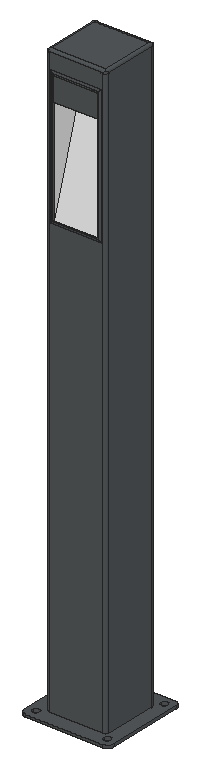
Revit family "svetilnik_alfresco_ar deko_dtu19", category Lighting Fixtures, Revit 2016 (continued)
Definition of nested family "Источник света Ар_Деко"
  Types (5, lengths in mm): name | Photometric Web File | built-in parameter 1150142
           0.3       0.2       0.2       0.1       0.1       0.1\r\n       0.2       0.3       0.3       0.2       0.2       0.2       0.9      18.6\r\n      64.3     124.3     163.7     200.8     230.4     264.2     300.1     344.6\r\n     398.3     457.3     476.3     480.9     480.4     479.9     480.4     480.0\r\n     476.7     473.6     471.9     468.2     468.4     467.0     463.8     462.0\r\n     462.5     459.5     455.3     452.7     446.4     443.4     441.4     438.4\r\n     433.6     429.2     429.6     424.7     415.7     409.0     404.3     399.5\r\n     392.6     385.3     377.4     362.8     340.2     311.1     282.3     265.5\r\n     251.1     233.7     220.5     209.4     194.9     179.6     165.0     155.1\r\n     139.2     124.2     116.9     104.3      88.7      75.3      57.4      49.3\r\n      36.6      23.3       7.2       1.0       0.2       0.2       0.2       0.2\r\n       0.2       0.2       0.2       0.2       0.2       0.2       0.2       0.2\r\n       0.2       0.2       0.2       0.2       0.2       0.2       0.2       0.2\r\n       0.2       0.2       0.2       0.2       0.2       0.2       0.2       0.2\r\n       0.2       0.2       0.2       0.2       0.2       0.2       0.2       0.2\r\n       0.2       0.2       0.2       0.2       0.2       0.2       0.2       0.2\r\n       0.2       0.2       0.2       0.2       0.2       0.2       0.2       0.2\r\n       0.2       0.2       0.2       0.2       0.2       0.2       0.2       0.2\r\n       0.2       0.2       0.2       0.2       0.2       0.2       0.2       0.2\r\n       0.2       0.2       0.2       0.2       0.2       0.2       0.2       0.2\r\n       0.2       0.2       0.2       0.2       0.2       0.2       0.2       0.2\r\n       0.2       0.2       0.2       0.2       0.1       0.1       0.1       0.1\r\n       0.1       0.1       0.0       0.0       0.0\r\n       0.0       0.0       0.3       0.2       0.2       0.1       0.1       0.1\r\n       0.2       0.3       0.3       0.2       0.2       0.2       0.3       5.4\r\n      33.1      93.3     140.0     176.2     209.2     234.4     260.1     292.9\r\n     329.4     376.3     418.5     437.1     441.8     440.5     437.0     436.4\r\n     441.4     439.0     435.4     434.5     430.6     432.0     430.7     426.2\r\n     422.5     418.1     415.6     412.6     411.2     408.5     404.8     404.8\r\n     401.0     395.1     388.3     381.7     380.5     374.6     367.3     361.6\r\n     357.3     350.0     344.4     336.3     321.7     300.2     271.0     246.0\r\n     228.8     213.1     195.7     179.8     171.8     156.6     144.2     134.2\r\n     124.3     110.5      98.4      88.7      73.7      62.3      51.2      43.1\r\n      33.0      20.4       9.4       1.3       0.2       0.2       0.2       0.2\r\n       0.2       0.2       0.2       0.2       0.2       0.2       0.2       0.2\r\n       0.2       0.2       0.2       0.2       0.2       0.2       0.2       0.2\r\n       0.2       0.2       0.2       0.2       0.2       0.2       0.2       0.2\r\n       0.2       0.2       0.2       0.2       0.2       0.2       0.2       0.2\r\n       0.2       0.2       0.2       0.2       0.2       0.2       0.2       0.2\r\n       0.2       0.2       0.2       0.2       0.2       0.2       0.2       0.2\r\n       0.2       0.2       0.2       0.2       0.2       0.2       0.2       0.2\r\n       0.2       0.2       0.2       0.2       0.2       0.2       0.2       0.2\r\n       0.2       0.2       0.2       0.2       0.2       0.2       0.2       0.2\r\n       0.2       0.2       0.2       0.2       0.2       0.2       0.2       0.2\r\n       0.2       0.2       0.2       0.2       0.1       0.1       0.1       0.1\r\n       0.1       0.1       0.0       0.0       0.0\r\n       0.0       0.0       0.3       0.1       0.2       0.1       0.1       0.1\r\n       0.2       0.3       0.3       0.2       0.2       0.2       0.2       1.3\r\n      12.0      53.9     107.3     150.6     180.5     203.1     224.9     248.8\r\n     275.1     306.4     340.6     381.8     390.2     392.9     394.5     395.5\r\n     393.8     393.6     394.3     394.4     393.4     392.3     391.2     387.8\r\n     388.4     385.5     383.4     381.0     374.7     371.7     367.0     359.5\r\n     357.2     354.1     348.3     344.5     340.7     337.6     332.3     324.6\r\n     316.3     311.1     305.4     298.2     292.2     279.6     256.2     229.9\r\n     206.2     190.8     177.5     160.0     147.7     139.1     124.7     111.5\r\n     103.3      92.9      82.5      75.1      67.1      55.7      44.8      35.5\r\n      29.8      19.2       8.9       1.0       0.2       0.2       0.2       0.2\r\n       0.2       0.2       0.2       0.2       0.2       0.2       0.2       0.2\r\n       0.2       0.2       0.2       0.2       0.2       0.2       0.2       0.2\r\n       0.2       0.2       0.2       0.2       0.2       0.2       0.2       0.2\r\n       0.2       0.2       0.2       0.2       0.2       0.2       0.2       0.2\r\n       0.2       0.2       0.2       0.2       0.2       0.2       0.2       0.2\r\n       0.2       0.2       0.2       0.2       0.2       0.2       0.2       0.2\r\n       0.2       0.2       0.2       0.2       0.2       0.2       0.2       0.2\r\n       0.2       0.2       0.2       0.2       0.2       0.2       0.2       0.2\r\n       0.2       0.2       0.2       0.2       0.2       0.2       0.2       0.2\r\n       0.2       0.2       0.2       0.2       0.2       0.2       0.2       0.2\r\n       0.2       0.2       0.2       0.2       0.1       0.1       0.1       0.1\r\n       0.1       0.1       0.0       0.0       0.0\r\n       0.0       0.0       0.2       0.1       0.2       0.1       0.1       0.1\r\n       0.2       0.3       0.3       0.2       0.2       0.2       0.2       0.4\r\n       2.7      21.8      61.9     119.1     150.9     174.8     199.0     218.7\r\n     241.6     271.2     298.0     327.0     345.1     357.2     361.2     359.9\r\n     356.8     359.4     360.9     359.2     356.4     356.5     352.2     352.7\r\n     351.6     346.7     345.3     343.2     341.4     336.0     331.6     330.5\r\n     326.7     323.6     319.4     314.3     310.3     305.0     300.7     295.0\r\n     291.4     286.2     281.7     277.5     270.7     263.2     252.3     230.9\r\n     203.4     178.5     162.6     150.4     135.9     125.5     116.1     103.9\r\n      92.8      86.4      75.7      66.0      60.1      50.5      41.5      31.8\r\n      25.5      17.4       7.2       0.5       0.2       0.2       0.2       0.2\r\n       0.2       0.2       0.2       0.2       0.2       0.2       0.2       0.2\r\n       0.2       0.2       0.2       0.2       0.2       0.2       0.2       0.2\r\n       0.2       0.2       0.2       0.2       0.2       0.2       0.2       0.2\r\n       0.2       0.2       0.2       0.2       0.2       0.2       0.2       0.2\r\n       0.2       0.2       0.2       0.2       0.2       0.2       0.2       0.2\r\n       0.2       0.2       0.2       0.2       0.2       0.2       0.2       0.2\r\n       0.2       0.2       0.2       0.2       0.2       0.2       0.2       0.2\r\n       0.2       0.2       0.2       0.2       0.2       0.2       0.2       0.2\r\n       0.2       0.2       0.2       0.2       0.2       0.2       0.2       0.2\r\n       0.2       0.2       0.2       0.2       0.2       0.2       0.2       0.2\r\n       0.2       0.2       0.2       0.2       0.1       0.1       0.1       0.1\r\n       0.1       0.1       0.0       0.0       0.0\r\n       0.0       0.0       0.2       0.1       0.2       0.1       0.1       0.1\r\n       0.2       0.3       0.3       0.2       0.2       0.2       0.2       0.3\r\n       0.5       6.2      24.7      71.4     113.4     143.0     167.0     188.5\r\n     207.8     232.7     253.2     275.6     290.2     320.6     327.5     326.3\r\n     325.1     322.7     323.3     324.1     323.8     323.4     322.2     318.9\r\n     316.5     317.5     312.1     311.0     309.5     304.9     302.4     299.0\r\n     296.6     293.9     290.8     287.1     282.3     276.4     271.9     269.6\r\n     263.5     258.6     253.0     246.6     240.9     234.2     227.4     217.1\r\n     201.3     176.6     153.0     136.8     125.6     114.7     105.7      97.7\r\n      86.7      77.5      71.8      61.8      52.9      46.9      37.6      28.6\r\n      20.8      15.3       7.9       1.4       0.4       0.2       0.2       0.2\r\n       0.2       0.2       0.2       0.2       0.2       0.2       0.2       0.2\r\n       0.2       0.2       0.2       0.2       0.2       0.2       0.2       0.2\r\n       0.2       0.2       0.2       0.2       0.2       0.2       0.2       0.2\r\n       0.2       0.2       0.2       0.2       0.2       0.2       0.2       0.2\r\n       0.2       0.2       0.2       0.2       0.2       0.2       0.2       0.2\r\n       0.2       0.2       0.2       0.2       0.2       0.2       0.2       0.2\r\n       0.2       0.2       0.2       0.2       0.2       0.2       0.2       0.2\r\n       0.2       0.2       0.2       0.2       0.2       0.2       0.2       0.2\r\n       0.2       0.2       0.2       0.2       0.2       0.2       0.2       0.2\r\n       0.2       0.2       0.2       0.2       0.2       0.2       0.2       0.2\r\n       0.2       0.2       0.2       0.2       0.1       0.1       0.1       0.1\r\n       0.1       0.1       0.0       0.0       0.0\r\n       0.0       0.0       0.2       0.1       0.2       0.1       0.1       0.1\r\n       0.2       0.3       0.3       0.2       0.2       0.2       0.2       0.2\r\n       0.2       1.3       6.2      26.9      64.2      98.8     124.6     146.8\r\n     170.4     192.0     209.9     231.7     246.4     259.3     281.1     297.6\r\n     302.1     301.5     298.3     295.5     294.6     292.8     290.9     290.0\r\n     287.7     283.3     279.6     276.1     276.7     275.4     271.3     269.6\r\n     264.1     261.3     259.9     255.9     252.6     249.4     244.6     240.2\r\n     235.0     230.4     225.5     221.3     216.0     210.4     205.2     199.0\r\n     191.3     175.7     154.8     131.1     115.9     104.6      94.9      86.8\r\n      79.3      69.7      62.4      55.3      46.8      40.2      33.5      24.4\r\n      17.7      14.5       8.8       2.3       0.3       0.2       0.2       0.2\r\n       0.2       0.2       0.2       0.2       0.2       0.2       0.2       0.2\r\n       0.2       0.2       0.2       0.2       0.2       0.2       0.2       0.2\r\n       0.2       0.2       0.2       0.2       0.2       0.2       0.2       0.2\r\n       0.2       0.2       0.2       0.2       0.2       0.2       0.2       0.2\r\n       0.2       0.2       0.2       0.2       0.2       0.2       0.2       0.2\r\n       0.2       0.2       0.2       0.2       0.2       0.2       0.2       0.2\r\n       0.2       0.2       0.2       0.2       0.2       0.2       0.2       0.2\r\n       0.2       0.2       0.2       0.2       0.2       0.2       0.2       0.2\r\n       0.2       0.2       0.2       0.2       0.2       0.2       0.2       0.2\r\n       0.2       0.2       0.2       0.2       0.2       0.2       0.2       0.2\r\n       0.2       0.2       0.2       0.2       0.1       0.1       0.1       0.1\r\n       0.1       0.1       0.0       0.0       0.0\r\n       0.0       0.0       0.2       0.1       0.2       0.1       0.1       0.1\r\n       0.2       0.3       0.3       0.2       0.2       0.2       0.2       0.2\r\n       0.2       0.3       0.9       6.2      25.3      53.4      78.7     101.5\r\n     120.8     139.0     154.0     166.3     184.3     202.3     219.1     242.6\r\n     265.5     266.8     266.7     267.6     265.1     260.7     259.5     257.2\r\n     252.9     251.9     249.1     245.6     241.0     240.2     237.0     234.2\r\n     230.4     225.9     223.1     220.8     216.6     215.2     210.2     208.4\r\n     205.5     200.8     197.1     192.1     187.8     183.4     179.6     174.4\r\n     169.8     164.0     153.8     138.1     118.9     104.0      93.9      83.3\r\n      74.7      67.5      58.4      51.9      44.6      37.6      31.8      26.1\r\n      20.1      15.2      10.8       5.7       1.1       0.2       0.2       0.2\r\n       0.2       0.2       0.2       0.2       0.2       0.2       0.2       0.2\r\n       0.2       0.2       0.2       0.2       0.2       0.2       0.2       0.2\r\n       0.2       0.2       0.2       0.2       0.2       0.2       0.2       0.2\r\n       0.2       0.2       0.2       0.2       0.2       0.2       0.2       0.2\r\n       0.2       0.2       0.2       0.2       0.2       0.2       0.2       0.2\r\n       0.2       0.2       0.2       0.2       0.2       0.2       0.2       0.2\r\n       0.2       0.2       0.2       0.2       0.2       0.2       0.2       0.2\r\n       0.2       0.2       0.2       0.2       0.2       0.2       0.2       0.2\r\n       0.2       0.2       0.2       0.2       0.2       0.2       0.2       0.2\r\n       0.2       0.2       0.2       0.2       0.2       0.2       0.2       0.2\r\n       0.2       0.2       0.2       0.2       0.1       0.1       0.1       0.1\r\n       0.1       0.1       0.0       0.0       0.0\r\n       0.0       0.0       0.2       0.1       0.2       0.1       0.1       0.1\r\n       0.2       0.3       0.3       0.2       0.2       0.2       0.2       0.2\r\n       0.2       0.2       0.3       1.0       5.7      15.4      33.4      55.7\r\n      76.1      91.4     101.3     110.0     123.4     134.0     147.0     167.2\r\n     182.8     210.0     224.3     230.4     232.1     230.1     226.7     223.2\r\n     222.4     220.5     218.8     215.4     212.3     208.9     205.1     200.5\r\n     198.6     196.2     191.3     188.5     185.6     181.3     178.8     173.3\r\n     168.5     165.9     162.4     157.7     154.8     152.3     147.2     143.0\r\n     138.7     133.4     127.8     119.8     107.4      94.1      82.9      75.2\r\n      66.0      59.5      53.5      45.8      41.6      34.8      30.1      24.8\r\n      19.5      14.1      10.1       5.6       1.6       0.2       0.2       0.2\r\n       0.2       0.2       0.2       0.2       0.2       0.2       0.2       0.2\r\n       0.2       0.2       0.2       0.2       0.2       0.2       0.2       0.2\r\n       0.2       0.2       0.2       0.2       0.2       0.2       0.2       0.2\r\n       0.2       0.2       0.2       0.2       0.2       0.2       0.2       0.2\r\n       0.2       0.2       0.2       0.2       0.2       0.2       0.2       0.2\r\n       0.2       0.2       0.2       0.2       0.2       0.2       0.2       0.2\r\n       0.2       0.2       0.2       0.2       0.2       0.2       0.2       0.2\r\n       0.2       0.2       0.2       0.2       0.2       0.2       0.2       0.2\r\n       0.2       0.2       0.2       0.2       0.2       0.2       0.2       0.2\r\n       0.2       0.2       0.2       0.2       0.2       0.2       0.2       0.2\r\n       0.2       0.1       0.2       0.2       0.1       0.1       0.1       0.1\r\n       0.1       0.1       0.0       0.0       0.0\r\n       0.0       0.0       0.2       0.1       0.1       0.1       0.1       0.1\r\n       0.2       0.3       0.2       0.2       0.2       0.2       0.2       0.2\r\n       0.2       0.2       0.2       0.3       0.7       1.9       8.6      20.7\r\n      38.2      53.6      69.1      78.4      89.4      99.3     108.2     124.7\r\n     139.2     150.6     170.2     187.4     196.5     201.1     201.3     202.0\r\n     198.9     196.5     193.8     190.7     189.6     186.4     184.1     182.6\r\n     179.8     175.9     173.3     170.4     166.8     164.8     162.5     159.8\r\n     157.0     152.6     148.6     145.2     140.9     137.2     133.5     129.4\r\n     125.3     120.6     115.8     111.9     107.1      97.6      86.5      75.2\r\n      67.2      60.0      53.7      48.2      41.8      36.3      31.4      25.8\r\n      21.4      16.1      11.7       8.2       3.2       0.6       0.2       0.2\r\n       0.2       0.2       0.2       0.2       0.2       0.2       0.2       0.2\r\n       0.2       0.2       0.2       0.2       0.2       0.2       0.2       0.2\r\n       0.2       0.2       0.2       0.2       0.2       0.2       0.2       0.2\r\n       0.2       0.2      
       0.2       0.2       0.2       0.2       0.2       0.2\r\n       0.2       0.2       0.2       0.2       0.2       0.2       0.2       0.2\r\n       0.2       0.2       0.2       0.2       0.2       0.2       0.2       0.2\r\n       0.2       0.2       0.2       0.2       0.2       0.2       0.2       0.2\r\n       0.2       0.2       0.2       0.2       0.2       0.2       0.2       0.2\r\n       0.2       0.2       0.2       0.2       0.2       0.2       0.2       0.2\r\n       0.2       0.2       0.2       0.2       0.2       0.2       0.2       0.2\r\n       0.2       0.1       0.1       0.2       0.1       0.1       0.1       0.1\r\n       0.1       0.1       0.0       0.0       0.0\r\n       0.0       0.0       0.2       0.1       0.1       0.1       0.1       0.1\r\n       0.2       0.3       0.2       0.2       0.2       0.2       0.2       0.2\r\n       0.2       0.2       0.2       0.2       0.2       0.3       1.3       3.6\r\n      10.0      17.1      40.0      56.4      68.6      79.0      87.5      97.4\r\n     107.3     118.9     132.1     141.1     157.2     173.8     181.2     191.7\r\n     190.9     190.7     187.8     187.4     184.6     182.9     180.9     176.5\r\n     173.2     170.9     168.8     166.4     163.0     160.2     156.6     153.7\r\n     149.8     145.1     141.7     138.6     135.2     131.5     127.0     123.0\r\n     118.3     114.2     109.5     105.5     101.3      96.5      89.5      79.0\r\n      67.9      58.9      52.7      46.2      40.9      34.4      29.9      23.7\r\n      20.6      15.8      11.1       7.6       3.5       0.5       0.2       0.2\r\n       0.2       0.2       0.2       0.2       0.2       0.2       0.2       0.2\r\n       0.2       0.2       0.2       0.2       0.2       0.2       0.2       0.2\r\n       0.2       0.2       0.2       0.2       0.2       0.2       0.2       0.2\r\n       0.2       0.2       0.2       0.2       0.2       0.2       0.2       0.2\r\n       0.2       0.2       0.2       0.2       0.2       0.2       0.2       0.2\r\n       0.2       0.2       0.2       0.2       0.2       0.2       0.2       0.2\r\n       0.2       0.2       0.2       0.2       0.2       0.2       0.2       0.2\r\n       0.2       0.2       0.2       0.2       0.2       0.2       0.2       0.2\r\n       0.2       0.2       0.2       0.2       0.2       0.2       0.2       0.2\r\n       0.2       0.2       0.2       0.2       0.2       0.2       0.2       0.2\r\n       0.2       0.1       0.1       0.2       0.1       0.1       0.1       0.1\r\n       0.1       0.1       0.0       0.0       0.0\r\n       0.0       0.0       0.2       0.1       0.1       0.1       0.1       0.1\r\n       0.2       0.3       0.2       0.2       0.2       0.2       0.2       0.2\r\n       0.2       0.2       0.2       0.2       0.2       0.2       0.3       0.3\r\n       1.2       3.5      10.6      18.6      38.5      49.6      59.8      69.8\r\n      81.6      92.1     100.2     110.6     122.2     135.2     152.3     162.8\r\n     169.4     176.4     182.5     181.1     180.5     177.5     174.8     173.6\r\n     170.0     166.8     162.3     157.9     154.0     150.7     148.2     144.8\r\n     140.2     135.8     132.5     129.1     125.9     122.0     117.4     113.3\r\n     109.1     104.7     100.7      96.8      92.7      88.3      83.3      78.3\r\n      71.0      61.1      51.7      44.9      38.4      33.5      27.6      24.0\r\n      19.0      15.7      11.3       7.5       4.7       1.7       0.4       0.2\r\n       0.2       0.2       0.2       0.2       0.2       0.2       0.2       0.2\r\n       0.2       0.2       0.2       0.2       0.2       0.2       0.2       0.2\r\n       0.2       0.2       0.2       0.2       0.2       0.2       0.2       0.2\r\n       0.2       0.2       0.2       0.2       0.2       0.2       0.2       0.2\r\n       0.2       0.2       0.2       0.2       0.2       0.2       0.2       0.2\r\n       0.2       0.2       0.2       0.2       0.2       0.2       0.2       0.2\r\n       0.2       0.2       0.2       0.2       0.2       0.2       0.2       0.2\r\n       0.2       0.2       0.2       0.2       0.2       0.2       0.2       0.2\r\n       0.2       0.2       0.2       0.2       0.2       0.2       0.2       0.2\r\n       0.2       0.2       0.2       0.2       0.2       0.2       0.2       0.2\r\n       0.2       0.1       0.1       0.2       0.1       0.1       0.1       0.1\r\n       0.1       0.1       0.0       0.0       0.0\r\n       0.0       0.0       0.2       0.1       0.1       0.1       0.1       0.1\r\n       0.2       0.3       0.2       0.2       0.2       0.2       0.2       0.2\r\n       0.2       0.2       0.2       0.2       0.2       0.2       0.2       0.2\r\n       0.2       0.6       1.2       2.3       6.1      21.1      31.6      40.6\r\n      54.9      66.2      76.5      82.7      90.2      99.3     108.0     114.3\r\n     116.9     126.4     129.4     127.7     125.0     123.2     119.6     117.0\r\n     115.0     113.8     111.1     110.3     111.3     111.6     110.2     108.3\r\n     106.7     105.5     103.0     100.2      97.3      94.0      91.5      88.4\r\n      85.1      81.9      78.8      75.6      71.8      68.2      64.4      60.2\r\n      56.2      50.2      42.6      34.2      27.7      23.3      19.6      15.3\r\n      12.3       9.0       6.6       3.9       2.2       0.6       0.2       0.2\r\n       0.2       0.2       0.2       0.2       0.2       0.2       0.2       0.2\r\n       0.2       0.2       0.2       0.2       0.2       0.2       0.2       0.2\r\n       0.2       0.2       0.2       0.2       0.2       0.2       0.2       0.2\r\n       0.2       0.2       0.2       0.2       0.2       0.2       0.2       0.2\r\n       0.2       0.2       0.2       0.2       0.2       0.2       0.2       0.2\r\n       0.2       0.2       0.2       0.2       0.2       0.2       0.2       0.2\r\n       0.2       0.2       0.2       0.2       0.2       0.2       0.2       0.2\r\n       0.2       0.2       0.2       0.2       0.2       0.2       0.2       0.2\r\n       0.2       0.2       0.2       0.2       0.2       0.2       0.2       0.2\r\n       0.2       0.2       0.2       0.2       0.2       0.2       0.2       0.2\r\n       0.2       0.1       0.1       0.2       0.1       0.1       0.1       0.1\r\n       0.1       0.1       0.0       0.0       0.0\r\n       0.0       0.0       0.2       0.1       0.1       0.1       0.1       0.1\r\n       0.2       0.3       0.2       0.2       0.2       0.2       0.2       0.2\r\n       0.2       0.2       0.2       0.2       0.2       0.2       0.2       0.2\r\n       0.2       0.2       0.2       0.2       0.4       2.5       3.7      10.9\r\n      18.7      24.8      39.3      54.0      61.9      70.8      74.3      78.5\r\n      82.3      87.6      89.2      88.3      87.5      84.5      82.3      80.1\r\n      77.8      76.9      75.9      74.6      72.8      71.9      70.8      68.9\r\n      66.6      65.0      63.5      62.7      61.3      59.3      57.7      55.9\r\n      54.1      52.6      50.3      47.7      45.3      43.3      41.0      38.1\r\n      35.3      32.8      30.2      26.3      20.0      14.6      10.6       7.4\r\n       5.3       3.4       2.0       1.2       0.4       0.2       0.2       0.2\r\n       0.2       0.2       0.2       0.2       0.2       0.2       0.2       0.2\r\n       0.2       0.2       0.2       0.2       0.2       0.2       0.2       0.2\r\n       0.2       0.2       0.2       0.2       0.2       0.2       0.2       0.2\r\n       0.2       0.2       0.2       0.2       0.2       0.2       0.2       0.2\r\n       0.2       0.2       0.2       0.2       0.2       0.2       0.2       0.2\r\n       0.2       0.2       0.2       0.2       0.2       0.2       0.2       0.2\r\n       0.2       0.2       0.2       0.2       0.2       0.2       0.2       0.2\r\n       0.2       0.2       0.2       0.2       0.2       0.2       0.2       0.2\r\n       0.2       0.2       0.2       0.2       0.2       0.2       0.2       0.2\r\n       0.3       0.3       0.2       0.2       0.2       0.2       0.2       0.2\r\n       0.2       0.1       0.1       0.2       0.1       0.1       0.1       0.1\r\n       0.1       0.1       0.0       0.0       0.0\r\n       0.0       0.0       0.2       0.1       0.1       0.1       0.1       0.1\r\n       0.2       0.3       0.2       0.2       0.2       0.2       0.2       0.2\r\n       0.2       0.2       0.2       0.2       0.2       0.2       0.2       0.2\r\n       0.2       0.2       0.2       0.2       0.2       0.2       0.2       1.0\r\n       1.7       5.4      10.8      10.5      17.5      38.3      42.5      44.2\r\n      46.3      48.2      49.8      48.8      45.9      44.1      42.7      42.3\r\n      43.4      43.0      42.0      41.2      41.0      40.0      39.1      38.4\r\n      38.4      39.1      39.1      37.9      36.7      35.9      34.6      33.2\r\n      31.7      30.2      28.7      26.7      25.1      23.7      22.3      20.9\r\n      19.5      18.3      17.2      15.9      14.3      10.5       5.3       3.4\r\n       2.3       1.2       0.5       0.3       0.2       0.2       0.2       0.2\r\n       0.2       0.2       0.2       0.2       0.2       0.2       0.2       0.2\r\n       0.2       0.2       0.2       0.2       0.2       0.2       0.2       0.2\r\n       0.2       0.2       0.2       0.2       0.2       0.2       0.2       0.2\r\n       0.2       0.2       0.2       0.2       0.2       0.2       0.2       0.2\r\n       0.2       0.2       0.2       0.2       0.2       0.2       0.2       0.2\r\n       0.2       0.2       0.2       0.2       0.2       0.2       0.2       0.2\r\n       0.2       0.2       0.2       0.2       0.2       0.2       0.2       0.2\r\n       0.2       0.2       0.2       0.2       0.2       0.2       0.2       0.2\r\n       0.2       0.2       0.2       0.2       0.2       0.2       0.2       0.2\r\n       0.3       0.3       0.2       0.2       0.2       0.2       0.2       0.2\r\n       0.2       0.1       0.1       0.2       0.1       0.1       0.1       0.1\r\n       0.1       0.1       0.0       0.0       0.0\r\n       0.0       0.0       0.2       0.1       0.1       0.1       0.1       0.1\r\n       0.2       0.3       0.2       0.2       0.2       0.2       0.2       0.2\r\n       0.2       0.2       0.2       0.2       0.2       0.2       0.2       0.2\r\n       0.2       0.2       0.2       0.2       0.2       0.2       0.2       0.2\r\n       0.2       0.5       0.9       0.7       1.6       2.6       3.1       2.1\r\n       2.4       3.3       4.8       6.5       8.1       9.6      11.1      12.3\r\n      13.3      13.0      13.1      11.9      10.3       8.4       7.4       7.0\r\n       6.7       5.6       4.5       3.9       3.7       3.6       3.3       2.7\r\n       2.2       1.6       1.0       0.7       0.4       0.4       0.4       0.4\r\n       0.4       0.5       0.5       0.5       0.6       0.5       0.5       0.3\r\n       0.2       0.2       0.2       0.2       0.2       0.2       0.2       0.2\r\n       0.2       0.2       0.2       0.2       0.2       0.2       0.2       0.2\r\n       0.2       0.2       0.2       0.2       0.2       0.2       0.2       0.2\r\n       0.2       0.2       0.2       0.2       0.2       0.2       0.2       0.2\r\n       0.2       0.2       0.2       0.2       0.2       0.2       0.2       0.2\r\n       0.2       0.2       0.2       0.2       0.2       0.2       0.2       0.2\r\n       0.2       0.2       0.2       0.2       0.2       0.2       0.2       0.2\r\n       0.2       0.2       0.2       0.2       0.2       0.2       0.2       0.2\r\n       0.2       0.2       0.2       0.2       0.2       0.2       0.2       0.2\r\n       0.2       0.2       0.2       0.2       0.2       0.2       0.2       0.2\r\n       0.2       0.2       0.2       0.2       0.2       0.2       0.2       0.2\r\n       0.2       0.1       0.1       0.1       0.1       0.1       0.1       0.1\r\n       0.1       0.1       0.0       0.0       0.0\r\n       0.0       0.0       0.2       0.1       0.1       0.1       0.1       0.1\r\n       0.2       0.3       0.2       0.2       0.2       0.2       0.2       0.2\r\n       0.2       0.2       0.2       0.2       0.2       0.2       0.2       0.2\r\n       0.2       0.2       0.2       0.2       0.2       0.2       0.2       0.2\r\n       0.2       0.2       0.2       0.2       0.2       0.2       0.3       0.2\r\n       0.2       0.2       0.3       0.3       0.4       0.4       0.4       0.4\r\n       0.4       0.3       0.3       0.3       0.3       0.3       0.3       0.3\r\n       0.2       0.2       0.2       0.2       0.2       0.2       0.2       0.2\r\n       0.2       0.2       0.2       0.2       0.2       0.2       0.2       0.2\r\n       0.2       0.2       0.2       0.2       0.2       0.2       0.2       0.2\r\n       0.2       0.2       0.2       0.2       0.2       0.2       0.2       0.2\r\n       0.2       0.2       0.2       0.2       0.2       0.2       0.2       0.2\r\n       0.2       0.2       0.2       0.2       0.2       0.2       0.2       0.2\r\n       0.2       0.2       0.2       0.2       0.2       0.2       0.2       0.2\r\n       0.2       0.2       0.2       0.2       0.2       0.2       0.2       0.2\r\n       0.2       0.2       0.2       0.2       0.2       0.2       0.2       0.2\r\n       0.2       0.2       0.2       0.2       0.2       0.2       0.2       0.2\r\n       0.2       0.2       0.2       0.2       0.2       0.2       0.2       0.2\r\n       0.2       0.2       0.2       0.2       0.2       0.2       0.2       0.2\r\n       0.2       0.2       0.2       0.2       0.2       0.2       0.2       0.2\r\n       0.2       0.2       0.2       0.2       0.2       0.2       0.2       0.2\r\n       0.2       0.1       0.1       0.1       0.1       0.1       0.1       0.1\r\n       0.1       0.1       0.0       0.0       0.0\r\n       0.0       0.0       0.1       0.1       0.1       0.1       0.1       0.1\r\n       0.2       0.3       0.2       0.2       0.2       0.2       0.2       0.2\r\n       0.2       0.2       0.2       0.2       0.2       0.2       0.2       0.2\r\n       0.2       0.2       0.2       0.2       0.2       0.2       0.2       0.2\r\n       0.2       0.2       0.2       0.2       0.2       0.2       0.2       0.2\r\n       0.2       0.2       0.2       0.2       0.2       0.2       0.2       0.2\r\n       0.2       0.2       0.2       0.2       0.2       0.2       0.2       0.2\r\n       0.2       0.2       0.2       0.2       0.2       0.2       0.2       0.2\r\n       0.2       0.2       0.2       0.2       0.2       0.2       0.2       0.2\r\n       0.2       0.2       0.2       0.2       0.2       0.2       0.2       0.2\r\n       0.2       0.2       0.2       0.2       0.2       0.2       0.2       0.2\r\n       0.2       0.2       0.2       0.2       0.2       0.2       0.2       0.2\r\n       0.2       0.2       0.2       0.2       0.2       0.2       0.2       0.2\r\n       0.2       0.2       0.2       0.2       0.2       0.2       0.2       0.2\r\n       0.2       0.2       0.2       0.2       0.2       0.2       0.2       0.2\r\n       0.2       0.2       0.2       0.2       0.2       0.2       0.2       0.2\r\n       0.2       0.2       0.2       0.2       0.2       0.2       0.2       0.2\r\n       0.2       0.2       0.2       0.2       0.2       0.2       0.2       0.2\r\n       0.2       0.2       0.2       0.2       0.2       0.2       0.2       0.2\r\n       0.2       0.2       0.2       0.2       0.2       0.2       0.2       0.2\r\n       0.2       0.2       0.2       0.2       0.2       0.2       0.2       0.2\r\n       0.2       0.1       0.1       0.1       0.1       0.1       0.1       0.1\r\n       0.1       0.1       0.0       0.0       0.0\r\n       0.0       0.0       0.1       0.1       0.1       0.1       0.1       0.1\r\n       0.2       0.3       0.2       0.2       0.2       0.2       0.2       0.2\r\n       0.2       0.2       0.2       0.2       0.2       0.2       0.2       0.2\r\n       0.2       0.2       0.2       0.2       0.2       0.2       0.2       0.2\r\n       0.2       0.2       0.2       0.2       0.2       0.2       0.2       0.2\r\n       0.2       0.2       0.2       0.2       0.2       0.2
